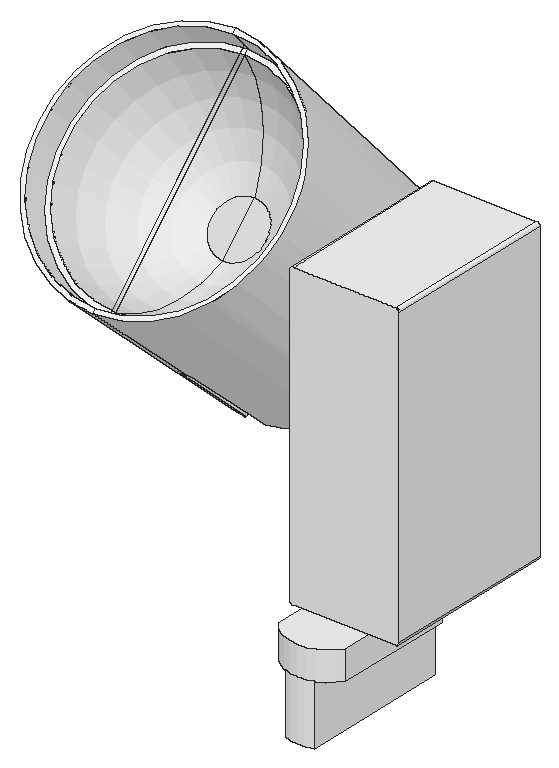
Revit family "0004832 Feilo Sylvania Lighting Fixture START TRACK SPOT L 55W 4K RA80 NB WHITE", category Lighting Fixtures, host Face, Revit 2017 (continued)
Definition of nested family "Start Track Spot Head"
  Types (96, lengths in mm): name | Wattage | built-in parameter 1150134 | Photometric Web File | Model | built-in parameter 1150105 | Lumens | built-in parameter 1150107 | built-in parameter 1150106 | HeadThickness_FEILO | HeadRibOffset_FEILO | HeadRibDepth_FEILO | HeadRibCutWidth_FEILO | HeadRibCutOffset_FEILO | HeadReflectorRadius_FEILO | HeadReflectorOffset_FEILO | HeadLEDRadius_FEILO | HeadHeight_FEILO | HeadDiffusorOffset_FEILO | HeadDiaOut_FEILO | HeadDiaIn_FEILO | HeadAxisFromTop_FEILO | Emit from Circle Diameter | built-in parameter 1150104 | Description | Apparent Load
    0004864 START TRACK SPOT S 24W 3K RA90 WB WHITE | 24 W | (empty or 0) | "0004864.ies" | "START TRACK SPOT S 24W 3K RA90 WB WHITE" | 152.79 (stored number, unit not read) | 1920 lm | 3000 (stored number, unit not read) | 1.5279 (stored number, unit not read) | 1.5 | 4.179 | 55.714 | 7.167 | 50.87 | 50.588 | 55.714 | 9.556 | 117 | 9.435 | 86 | 77.477 | 69.354 | 77.477 | 7.4322 (stored number, unit not read) | "Integrated LED spotlight, Textured White - RAL9016, compact and minimalist design, ideal for retail applications, die-cast aluminium body, passive cooling heatsink. Beam angle: 64°, color temperature: 3000K , total system power: 24W, total fixture output: 1928 lm, LOR: 100%, colour rendering: Ra: 90 typical, LED Chromaticity: 3 step MacAdam ellipse, lifetime: >50000 hours at L70B50, energy class: A++, A+, A, IR/UV free light source without heat radiation, operating voltage: 220-240V / 50-60Hz, drive current: 600mA, electronic driver, non-dimmable, power factor: 0.95, electrical protection: Class II, Global Track 3 Phase adapter suitable for Global trac 3-circuit tracks, ingress protection rating: IP20, suitable for internal environment only, horizontal rotation: 355°, vertical tilt: 90°, dimensions: Ø86x140x200, weight: 0.966kg." | 24 VA
    0004863 START TRACK SPOT S 24W 3K RA90 MB WHITE | 24 W | (empty or 0) | "0004863.ies" | "START TRACK SPOT S 24W 3K RA90 MB WHITE" | 154.7 (stored number, unit not read) | 1944 lm | 3000 (stored number, unit not read) | 1.547 (stored number, unit not read) | 1.5 | 4.179 | 55.714 | 7.167 | 50.87 | 50.588 | 55.714 | 9.556 | 117 | 9.435 | 86 | 77.477 | 69.354 | 77.477 | 7.5251 (stored number, unit not read) | "Integrated LED spotlight, Textured White - RAL9016, compact and minimalist design, ideal for retail applications, die-cast aluminium body, passive cooling heatsink. Beam angle: 36°, color temperature: 3000K , total system power: 24W, total fixture output: 1944 lm, LOR: 100%, colour rendering: Ra: 90 typical, LED Chromaticity: 3 step MacAdam ellipse, lifetime: >50000 hours at L70B50, energy class: A++, A+, A, IR/UV free light source without heat radiation, operating voltage: 220-240V / 50-60Hz, drive current: 600mA, electronic driver, non-dimmable, power factor: 0.95, electrical protection: Class II, Global Track 3 Phase adapter suitable for Global trac 3-circuit tracks, ingress protection rating: IP20, suitable for internal environment only, horizontal rotation: 355°, vertical tilt: 90°, dimensions: Ø86x140x200, weight: 0.966kg." | 24 VA
    0004862 START TRACK SPOT S 24W 3K RA90 NB WHITE | 24 W | (empty or 0) | "0004862.ies" | "START TRACK SPOT S 24W 3K RA90 NB WHITE" | 158.52 (stored number, unit not read) | 1992 lm | 3000 (stored number, unit not read) | 1.5852 (stored number, unit not read) | 1.5 | 4.179 | 55.714 | 7.167 | 50.87 | 50.588 | 55.714 | 9.556 | 117 | 9.435 | 86 | 77.477 | 69.354 | 77.477 | 7.711 (stored number, unit not read) | "Integrated LED spotlight, Textured White - RAL9016, compact and minimalist design, ideal for retail applications, die-cast aluminium body, passive cooling heatsink. Beam angle: 12°, color temperature: 3000K , total system power: 24W, total fixture output: 1987 lm, LOR: 100%, colour rendering: Ra: 90 typical, LED Chromaticity: 3 step MacAdam ellipse, lifetime: >50000 hours at L70B50, energy class: A++, A+, A, IR/UV free light source without heat radiation, operating voltage: 220-240V / 50-60Hz, drive current: 600mA, electronic driver, non-dimmable, power factor: 0.95, electrical protection: Class II, Global Track 3 Phase adapter suitable for Global trac 3-circuit tracks, ingress protection rating: IP20, suitable for internal environment only, horizontal rotation: 355°, vertical tilt: 90°, dimensions: Ø86x140x200, weight: 0.966kg." | 24 VA
    0004861 START TRACK SPOT S 14W 3K RA90 WB WHITE | 14 W | (empty or 0) | "0004861.ies" | "START TRACK SPOT S 14W 3K RA90 WB WHITE" | 100.27 (stored number, unit not read) | 1260 lm | 3000 (stored number, unit not read) | 1.0027 (stored number, unit not read) | 1.5 | 4.179 | 55.714 | 7.167 | 50.87 | 50.588 | 55.714 | 9.556 | 117 | 9.435 | 86 | 77.477 | 69.354 | 77.477 | 8.3613 (stored number, unit not read) | "Integrated LED spotlight, Textured White - RAL9016, compact and minimalist design, ideal for retail applications, die-cast aluminium body, passive cooling heatsink. Beam angle: 64°, color temperature: 3000K , total system power: 14W, total fixture output: 1262 lm, LOR: 100%, colour rendering: Ra: 90 typical, LED Chromaticity: 3 step MacAdam ellipse, lifetime: >50000 hours at L70B50, energy class: A++, A+, A, IR/UV free light source without heat radiation, operating voltage: 220-240V / 50-60Hz, drive current: 350mA, electronic driver, non-dimmable, power factor: 0.92, electrical protection: Class II, Global Track 3 Phase adapter suitable for Global trac 3-circuit tracks, ingress protection rating: IP20, suitable for internal environment only, horizontal rotation: 355°, vertical tilt: 90°, dimensions: Ø86x140x200, weight: 0.940kg." | 14 VA
    0004860 START TRACK SPOT S 14W 3K RA90 MB WHITE | 14 W | (empty or 0) | "0004860.ies" | "START TRACK SPOT S 14W 3K RA90 MB WHITE" | 100.27 (stored number, unit not read) | 1260 lm | 3000 (stored number, unit not read) | 1.0027 (stored number, unit not read) | 1.5 | 4.179 | 55.714 | 7.167 | 50.87 | 50.588 | 55.714 | 9.556 | 117 | 9.435 | 86 | 77.477 | 69.354 | 77.477 | 8.3613 (stored number, unit not read) | "Integrated LED spotlight, Textured White - RAL9016, compact and minimalist design, ideal for retail applications, die-cast aluminium body, passive cooling heatsink. Beam angle: 36°, color temperature: 3000K , total system power: 14W, total fixture output: 1262 lm, LOR: 100%, colour rendering: Ra: 90 typical, LED Chromaticity: 3 step MacAdam ellipse, lifetime: >50000 hours at L70B50, energy class: A++, A+, A, IR/UV free light source without heat radiation, operating voltage: 220-240V / 50-60Hz, drive current: 350mA, electronic driver, non-dimmable, power factor: 0.92, electrical protection: Class II, Global Track 3 Phase adapter suitable for Global trac 3-circuit tracks, ingress protection rating: IP20, suitable for internal environment only, horizontal rotation: 355°, vertical tilt: 90°, dimensions: Ø86x140x200, weight: 0.940kg." | 14 VA
    0004859 START TRACK SPOT S 14W 3K RA90 NB WHITE | 14 W | (empty or 0) | "0004859.ies" | "START TRACK SPOT S 14W 3K RA90 NB WHITE" | 102.5 (stored number, unit not read) | 1288 lm | 3000 (stored number, unit not read) | 1.025 (stored number, unit not read) | 1.5 | 4.179 | 55.714 | 7.167 | 50.87 | 50.588 | 55.714 | 9.556 | 117 | 9.435 | 86 | 77.477 | 69.354 | 77.477 | 8.5471 (stored number, unit not read) | "Integrated LED spotlight, Textured White - RAL9016, compact and minimalist design, ideal for retail applications, die-cast aluminium body, passive cooling heatsink. Beam angle: 12°, color temperature: 3000K , total system power: 14W, total fixture output: 1284 lm, LOR: 100%, colour rendering: Ra: 90 typical, LED Chromaticity: 3 step MacAdam ellipse, lifetime: >50000 hours at L70B50, energy class: A++, A+, A, IR/UV free light source without heat radiation, operating voltage: 220-240V / 50-60Hz, drive current: 350mA, electronic driver, non-dimmable, power factor: 0.92, electrical protection: Class II, Global Track 3 Phase adapter suitable for Global trac 3-circuit tracks, ingress protection rating: IP20, suitable for internal environment only, horizontal rotation: 355°, vertical tilt: 90°, dimensions: Ø86x140x200, weight: 0.940kg." | 14 VA
    0004858 START TRACK SPOT L 55W 4K RA80 WB BLACK | 55 W | 12 | "0004858.ies" | "START TRACK SPOT L 55W 4K RA80 WB BLACK" | 424.55 (stored number, unit not read) | 5335 lm | 4000 (stored number, unit not read) | 4.2455 (stored number, unit not read) | 2 | 4.429 | 59.048 | 9.417 | 53.913 | 66.471 | 59.048 | 12.556 | 124 | 10 | 113 | 101.802 | 73.503 | 101.802 | 9.0116 (stored number, unit not read) | "Integrated LED spotlight, Textured Black - RAL9005, compact and minimalist design, ideal for retail applications, die-cast aluminium body, passive cooling heatsink. Beam angle: 52°, color temperature: 4000K , total system power: 55W, total fixture output: 5320 lm, LOR: 100%, colour rendering: Ra: 80 typical, LED Chromaticity: 3 step MacAdam ellipse, lifetime: >50000 hours at L70B50, energy class: A++, A+, A, IR/UV free light source without heat radiation, operating voltage: 220-240V / 50-60Hz, drive current: 1400mA, electronic driver, non-dimmable, power factor: 0.96, electrical protection: Class II, Global Track 3 Phase adapter suitable for Global trac 3-circuit tracks, ingress protection rating: IP20, suitable for internal environment only, horizontal rotation: 355°, vertical tilt: 90°, dimensions: Ø113x164x240, weight: 1.398kg." | 55 VA
    0004857 START TRACK SPOT L 55W 4K RA80 MB BLACK | 55 W | 12 | "0004857.ies" | "START TRACK SPOT L 55W 4K RA80 MB BLACK" | 428.92 (stored number, unit not read) | 5390 lm | 4000 (stored number, unit not read) | 4.2892 (stored number, unit not read) | 2 | 4.429 | 59.048 | 9.417 | 53.913 | 66.471 | 59.048 | 12.556 | 124 | 10 | 113 | 101.802 | 73.503 | 101.802 | 9.1045 (stored number, unit not read) | "Integrated LED spotlight, Textured Black - RAL9005, compact and minimalist design, ideal for retail applications, die-cast aluminium body, passive cooling heatsink. Beam angle: 38°, color temperature: 4000K , total system power: 55W, total fixture output: 5378 lm, LOR: 100%, colour rendering: Ra: 80 typical, LED Chromaticity: 3 step MacAdam ellipse, lifetime: >50000 hours at L70B50, energy class: A++, A+, A, IR/UV free light source without heat radiation, operating voltage: 220-240V / 50-60Hz, drive current: 1400mA, electronic driver, non-dimmable, power factor: 0.96, electrical protection: Class II, Global Track 3 Phase adapter suitable for Global trac 3-circuit tracks, ingress protection rating: IP20, suitable for internal environment only, horizontal rotation: 355°, vertical tilt: 90°, dimensions: Ø113x164x240, weight: 1.398kg." | 55 VA
    0004856 START TRACK SPOT L 55W 4K RA80 NB BLACK | 55 W | 12 | "0004856.ies" | "START TRACK SPOT L 55W 4K RA80 NB BLACK" | 433.3 (stored number, unit not read) | 5445 lm | 4000 (stored number, unit not read) | 4.333 (stored number, unit not read) | 2 | 4.429 | 59.048 | 9.417 | 53.913 | 66.471 | 59.048 | 12.556 | 124 | 10 | 113 | 101.802 | 73.503 | 101.802 | 9.1974 (stored number, unit not read) | "Integrated LED spotlight, Textured Black - RAL9005, compact and minimalist design, ideal for retail applications, die-cast aluminium body, passive cooling heatsink. Beam angle: 15°, color temperature: 4000K , total system power: 55W, total fixture output: 5426 lm, LOR: 100%, colour rendering: Ra: 80 typical, LED Chromaticity: 3 step MacAdam ellipse, lifetime: >50000 hours at L70B50, energy class: A++, A+, A, IR/UV free light source without heat radiation, operating voltage: 220-240V / 50-60Hz, drive current: 1400mA, electronic driver, non-dimmable, power factor: 0.96, electrical protection: Class II, Global Track 3 Phase adapter suitable for Global trac 3-circuit tracks, ingress protection rating: IP20, suitable for internal environment only, horizontal rotation: 355°, vertical tilt: 90°, dimensions: Ø113x164x240, weight: 1.398kg." | 55 VA
    0004855 START TRACK SPOT L 35W 4K RA80 WB BLACK | 35 W | 12 | "0004855.ies" | "START TRACK SPOT L 35W 4K RA80 WB BLACK" | 320.3 (stored number, unit not read) | 4025 lm | 4000 (stored number, unit not read) | 3.203 (stored number, unit not read) | 2 | 4.429 | 59.048 | 9.417 | 53.913 | 66.471 | 59.048 | 12.556 | 124 | 10 | 113 | 101.802 | 73.503 | 101.802 | 10.684 (stored number, unit not read) | "Integrated LED spotlight, Textured Black - RAL9005, compact and minimalist design, ideal for retail applications, die-cast aluminium body, passive cooling heatsink. Beam angle: 52°, color temperature: 4000K , total system power: 35W, total fixture output: 4010 lm, LOR: 100%, colour rendering: Ra: 80 typical, LED Chromaticity: 3 step MacAdam ellipse, lifetime: >50000 hours at L70B50, energy class: A++, A+, A, IR/UV free light source without heat radiation, operating voltage: 220-240V / 50-60Hz, drive current: 900mA, electronic driver, non-dimmable, power factor: 0.93, electrical protection: Class II, Global Track 3 Phase adapter suitable for Global trac 3-circuit tracks, ingress protection rating: IP20, suitable for internal environment only, horizontal rotation: 355°, vertical tilt: 90°, dimensions: Ø113x164x240, weight: 1.368kg." | 35 VA
    0004854 START TRACK SPOT L 35W 4K RA80 MB BLACK | 35 W | 12 | "0004854.ies" | "START TRACK SPOT L 35W 4K RA80 MB BLACK" | 320.3 (stored number, unit not read) | 4025 lm | 4000 (stored number, unit not read) | 3.203 (stored number, unit not read) | 2 | 4.429 | 59.048 | 9.417 | 53.913 | 66.471 | 59.048 | 12.556 | 124 | 10 | 113 | 101.802 | 73.503 | 101.802 | 10.684 (stored number, unit not read) | "Integrated LED spotlight, Textured Black - RAL9005, compact and minimalist design, ideal for retail applications, die-cast aluminium body, passive cooling heatsink. Beam angle: 38°, color temperature: 4000K , total system power: 35W, total fixture output: 4017 lm, LOR: 100%, colour rendering: Ra: 80 typical, LED Chromaticity: 3 step MacAdam ellipse, lifetime: >50000 hours at L70B50, energy class: A++, A+, A, IR/UV free light source without heat radiation, operating voltage: 220-240V / 50-60Hz, drive current: 900mA, electronic driver, non-dimmable, power factor: 0.93, electrical protection: Class II, Global Track 3 Phase adapter suitable for Global trac 3-circuit tracks, ingress protection rating: IP20, suitable for internal environment only, horizontal rotation: 355°, vertical tilt: 90°, dimensions: Ø113x164x240, weight: 1.368kg." | 35 VA
    0004853 START TRACK SPOT L 35W 4K RA80 NB BLACK | 35 W | 12 | "0004853.ies" | "START TRACK SPOT L 35W 4K RA80 NB BLACK" | 331.44 (stored number, unit not read) | 4165 lm | 4000 (stored number, unit not read) | 3.3144 (stored number, unit not read) | 2 | 4.429 | 59.048 | 9.417 | 53.913 | 66.471 | 59.048 | 12.556 | 124 | 10 | 113 | 101.802 | 73.503 | 101.802 | 11.055 (stored number, unit not read) | "Integrated LED spotlight, Textured Black - RAL9005, compact and minimalist design, ideal for retail applications, die-cast aluminium body, passive cooling heatsink. Beam angle: 15°, color temperature: 4000K , total system power: 35W, total fixture output: 4174 lm, LOR: 100%, colour rendering: Ra: 80 typical, LED Chromaticity: 3 step MacAdam ellipse, lifetime: >50000 hours at L70B50, energy class: A++, A+, A, IR/UV free light source without heat radiation, operating voltage: 220-240V / 50-60Hz, drive current: 900mA, electronic driver, non-dimmable, power factor: 0.93, electrical protection: Class II, Global Track 3 Phase adapter suitable for Global trac 3-circuit tracks, ingress protection rating: IP20, suitable for internal environment only, horizontal rotation: 355°, vertical tilt: 90°, dimensions: Ø113x164x240, weight: 1.368kg." | 35 VA
    0004852 START TRACK SPOT S 24W 4K RA80 WB BLACK | 24 W | 12 | "0004852.ies" | "START TRACK SPOT S 24W 4K RA80 WB BLACK" | 196.72 (stored number, unit not read) | 2472 lm | 4000 (stored number, unit not read) | 1.9672 (stored number, unit not read) | 1.5 | 4.179 | 55.714 | 7.167 | 50.87 | 50.588 | 55.714 | 9.556 | 117 | 9.435 | 86 | 77.477 | 69.354 | 77.477 | 9.569 (stored number, unit not read) | "Integrated LED spotlight, Textured Black - RAL9005, compact and minimalist design, ideal for retail applications, die-cast aluminium body, passive cooling heatsink. Beam angle: 64°, color temperature: 4000K , total system power: 24W, total fixture output: 2476 lm, LOR: 100%, colour rendering: Ra: 80 typical, LED Chromaticity: 3 step MacAdam ellipse, lifetime: >50000 hours at L70B50, energy class: A++, A+, A, IR/UV free light source without heat radiation, operating voltage: 220-240V / 50-60Hz, drive current: 600mA, electronic driver, non-dimmable, power factor: 0.95, electrical protection: Class II, Global Track 3 Phase adapter suitable for Global trac 3-circuit tracks, ingress protection rating: IP20, suitable for internal environment only, horizontal rotation: 355°, vertical tilt: 90°, dimensions: Ø86x140x200, weight: 0.966kg." | 24 VA
    0004851 START TRACK SPOT S 24W 4K RA80 MB BLACK | 24 W | 12 | "0004851.ies" | "START TRACK SPOT S 24W 4K RA80 MB BLACK" | 198.63 (stored number, unit not read) | 2496 lm | 4000 (stored number, unit not read) | 1.9863 (stored number, unit not read) | 1.5 | 4.179 | 55.714 | 7.167 | 50.87 | 50.588 | 55.714 | 9.556 | 117 | 9.435 | 86 | 77.477 | 69.354 | 77.477 | 9.6619 (stored number, unit not read) | "Integrated LED spotlight, Textured Black - RAL9005, compact and minimalist design, ideal for retail applications, die-cast aluminium body, passive cooling heatsink. Beam angle: 36°, color temperature: 4000K , total system power: 24W, total fixture output: 2487 lm, LOR: 100%, colour rendering: Ra: 80 typical, LED Chromaticity: 3 step MacAdam ellipse, lifetime: >50000 hours at L70B50, energy class: A++, A+, A, IR/UV free light source without heat radiation, operating voltage: 220-240V / 50-60Hz, drive current: 600mA, electronic driver, non-dimmable, power factor: 0.95, electrical protection: Class II, Global Track 3 Phase adapter suitable for Global trac 3-circuit tracks, ingress protection rating: IP20, suitable for internal environment only, horizontal rotation: 355°, vertical tilt: 90°, dimensions: Ø86x140x200, weight: 0.966kg." | 24 VA
    0004850 START TRACK SPOT S 24W 4K RA80 NB BLACK | 24 W | 12 | "0004850.ies" | "START TRACK SPOT S 24W 4K RA80 NB BLACK" | 200.54 (stored number, unit not read) | 2520 lm | 4000 (stored number, unit not read) | 2.0054 (stored number, unit not read) | 1.5 | 4.179 | 55.714 | 7.167 | 50.87 | 50.588 | 55.714 | 9.556 | 117 | 9.435 | 86 | 77.477 | 69.354 | 77.477 | 9.7548 (stored number, unit not read) | "Integrated LED spotlight, Textured Black - RAL9005, compact and minimalist design, ideal for retail applications, die-cast aluminium body, passive cooling heatsink. Beam angle: 12°, color temperature: 4000K , total system power: 24W, total fixture output: 2529 lm, LOR: 100%, colour rendering: Ra: 80 typical, LED Chromaticity: 3 step MacAdam ellipse, lifetime: >50000 hours at L70B50, energy class: A++, A+, A, IR/UV free light source without heat radiation, operating voltage: 220-240V / 50-60Hz, drive current: 600mA, electronic driver, non-dimmable, power factor: 0.95, electrical protection: Class II, Global Track 3 Phase adapter suitable for Global trac 3-circuit tracks, ingress protection rating: IP20, suitable for internal environment only, horizontal rotation: 355°, vertical tilt: 90°, dimensions: Ø86x140x200, weight: 0.966kg." | 24 VA
    0004849 START TRACK SPOT S 14W 4K RA80 WB BLACK | 14 W | 12 | "0004849.ies" | "START TRACK SPOT S 14W 4K RA80 WB BLACK" | 123.66 (stored number, unit not read) | 1554 lm | 4000 (stored number, unit not read) | 1.2366 (stored number, unit not read) | 1.5 | 4.179 | 55.714 | 7.167 | 50.87 | 50.588 | 55.714 | 9.556 | 117 | 9.435 | 86 | 77.477 | 69.354 | 77.477 | 10.312 (stored number, unit not read) | "Integrated LED spotlight, Textured Black - RAL9005, compact and minimalist design, ideal for retail applications, die-cast aluminium body, passive cooling heatsink. Beam angle: 64°, color temperature: 4000K , total system power: 14W, total fixture output: 1558 lm, LOR: 100%, colour rendering: Ra: 80 typical, LED Chromaticity: 3 step MacAdam ellipse, lifetime: >50000 hours at L70B50, energy class: A++, A+, A, IR/UV free light source without heat radiation, operating voltage: 220-240V / 50-60Hz, drive current: 350mA, electronic driver, non-dimmable, power factor: 0.92, electrical protection: Class II, Global Track 3 Phase adapter suitable for Global trac 3-circuit tracks, ingress protection rating: IP20, suitable for internal environment only, horizontal rotation: 355°, vertical tilt: 90°, dimensions: Ø86x140x200, weight: 0.940kg." | 14 VA
    0004848 START TRACK SPOT S 14W 4K RA80 MB BLACK | 14 W | 12 | "0004848.ies" | "START TRACK SPOT S 14W 4K RA80 MB BLACK" | 127.01 (stored number, unit not read) | 1596 lm | 4000 (stored number, unit not read) | 1.2701 (stored number, unit not read) | 1.5 | 4.179 | 55.714 | 7.167 | 50.87 | 50.588 | 55.714 | 9.556 | 117 | 9.435 | 86 | 77.477 | 69.354 | 77.477 | 10.591 (stored number, unit not read) | "Integrated LED spotlight, Textured Black - RAL9005, compact and minimalist design, ideal for retail applications, die-cast aluminium body, passive cooling heatsink. Beam angle: 36°, color temperature: 4000K , total system power: 14W, total fixture output: 1598 lm, LOR: 100%, colour rendering: Ra: 80 typical, LED Chromaticity: 3 step MacAdam ellipse, lifetime: >50000 hours at L70B50, energy class: A++, A+, A, IR/UV free light source without heat radiation, operating voltage: 220-240V / 50-60Hz, drive current: 350mA, electronic driver, non-dimmable, power factor: 0.92, electrical protection: Class II, Global Track 3 Phase adapter suitable for Global trac 3-circuit tracks, ingress protection rating: IP20, suitable for internal environment only, horizontal rotation: 355°, vertical tilt: 90°, dimensions: Ø86x140x200, weight: 0.940kg." | 14 VA
    0004847 START TRACK SPOT S 14W 4K RA80 NB BLACK | 14 W | 12 | "0004847.ies" | "START TRACK SPOT S 14W 4K RA80 NB BLACK" | 128.12 (stored number, unit not read) | 1610 lm | 4000 (stored number, unit not read) | 1.2812 (stored number, unit not read) | 1.5 | 4.179 | 55.714 | 7.167 | 50.87 | 50.588 | 55.714 | 9.556 | 117 | 9.435 | 86 | 77.477 | 69.354 | 77.477 | 10.684 (stored number, unit not read) | "Integrated LED spotlight, Textured Black - RAL9005, compact and minimalist design, ideal for retail applications, die-cast aluminium body, passive cooling heatsink. Beam angle: 12°, color temperature: 4000K , total system power: 14W, total fixture output: 1608 lm, LOR: 100%, colour rendering: Ra: 80 typical, LED Chromaticity: 3 step MacAdam ellipse, lifetime: >50000 hours at L70B50, energy class: A++, A+, A, IR/UV free light source without heat radiation, operating voltage: 220-240V / 50-60Hz, drive current: 350mA, electronic driver, non-dimmable, power factor: 0.92, electrical protection: Class II, Global Track 3 Phase adapter suitable for Global trac 3-circuit tracks, ingress protection rating: IP20, suitable for internal environment only, horizontal rotation: 355°, vertical tilt: 90°, dimensions: Ø86x140x200, weight: 0.940kg." | 14 VA
    0004846 START TRACK SPOT L 55W 3K RA80 WB BLACK | 55 W | (empty or 0) | "0004846.ies" | "START TRACK SPOT L 55W 3K RA80 WB BLACK" | 420.17 (stored number, unit not read) | 5280 lm | 3000 (stored number, unit not read) | 4.2017 (stored number, unit not read) | 2 | 4.429 | 59.048 | 9.417 | 53.913 | 66.471 | 59.048 | 12.556 | 124 | 10 | 113 | 101.802 | 73.503 | 101.802 | 8.9187 (stored number, unit not read) | "Integrated LED spotlight, Textured Black - RAL9005, compact and minimalist design, ideal for retail applications, die-cast aluminium body, passive cooling heatsink. Beam angle: 52°, color temperature: 3000K , total system power: 55W, total fixture output: 5298 lm, LOR: 100%, colour rendering: Ra: 80 typical, LED Chromaticity: 3 step MacAdam ellipse, lifetime: >50000 hours at L70B50, energy class: A++, A+, A, IR/UV free light source without heat radiation, operating voltage: 220-240V / 50-60Hz, drive current: 1400mA, electronic driver, non-dimmable, power factor: 0.96, electrical protection: Class II, Global Track 3 Phase adapter suitable for Global trac 3-circuit tracks, ingress protection rating: IP20, suitable for internal environment only, horizontal rotation: 355°, vertical tilt: 90°, dimensions: Ø113x164x240, weight: 1.398kg." | 55 VA
    0004845 START TRACK SPOT L 55W 3K RA80 MB BLACK | 55 W | (empty or 0) | "0004845.ies" | "START TRACK SPOT L 55W 3K RA80 MB BLACK" | 428.92 (stored number, unit not read) | 5390 lm | 3000 (stored number, unit not read) | 4.2892 (stored number, unit not read) | 2 | 4.429 | 59.048 | 9.417 | 53.913 | 66.471 | 59.048 | 12.556 | 124 | 10 | 113 | 101.802 | 73.503 | 101.802 | 9.1045 (stored number, unit not read) | "Integrated LED spotlight, Textured Black - RAL9005, compact and minimalist design, ideal for retail applications, die-cast aluminium body, passive cooling heatsink. Beam angle: 38°, color temperature: 3000K , total system power: 55W, total fixture output: 5381 lm, LOR: 100%, colour rendering: Ra: 80 typical, LED Chromaticity: 3 step MacAdam ellipse, lifetime: >50000 hours at L70B50, energy class: A++, A+, A, IR/UV free light source without heat radiation, operating voltage: 220-240V / 50-60Hz, drive current: 1400mA, electronic driver, non-dimmable, power factor: 0.96, electrical protection: Class II, Global Track 3 Phase adapter suitable for Global trac 3-circuit tracks, ingress protection rating: IP20, suitable for internal environment only, horizontal rotation: 355°, vertical tilt: 90°, dimensions: Ø113x164x240, weight: 1.398kg." | 55 VA
    0004844 START TRACK SPOT L 55W 3K RA80 NB BLACK | 55 W | (empty or 0) | "0004844.ies" | "START TRACK SPOT L 55W 3K RA80 NB BLACK" | 433.3 (stored number, unit not read) | 5445 lm | 3000 (stored number, unit not read) | 4.333 (stored number, unit not read) | 2 | 4.429 | 59.048 | 9.417 | 53.913 | 66.471 | 59.048 | 12.556 | 124 | 10 | 113 | 101.802 | 73.503 | 101.802 | 9.1974 (stored number, unit not read) | "Integrated LED spotlight, Textured Black - RAL9005, compact and minimalist design, ideal for retail applications, die-cast aluminium body, passive cooling heatsink. Beam angle: 15°, color temperature: 3000K , total system power: 55W, total fixture output: 5449 lm, LOR: 100%, colour rendering: Ra: 80 typical, LED Chromaticity: 3 step MacAdam ellipse, lifetime: >50000 hours at L70B50, energy class: A++, A+, A, IR/UV free light source without heat radiation, operating voltage: 220-240V / 50-60Hz, drive current: 1400mA, electronic driver, non-dimmable, power factor: 0.96, electrical protection: Class II, Global Track 3 Phase adapter suitable for Global trac 3-circuit tracks, ingress protection rating: IP20, suitable for internal environment only, horizontal rotation: 355°, vertical tilt: 90°, dimensions: Ø113x164x240, weight: 1.398kg." | 55 VA
    0004843 START TRACK SPOT L 35W 3K RA80 WB BLACK | 35 W | (empty or 0) | "0004843.ies" | "START TRACK SPOT L 35W 3K RA80 WB BLACK" | 314.73 (stored number, unit not read) | 3955 lm | 3000 (stored number, unit not read) | 3.1473 (stored number, unit not read) | 2 | 4.429 | 59.048 | 9.417 | 53.913 | 66.471 | 59.048 | 12.556 | 124 | 10 | 113 | 101.802 | 73.503 | 101.802 | 10.498 (stored number, unit not read) | "Integrated LED spotlight, Textured Black - RAL9005, compact and minimalist design, ideal for retail applications, die-cast aluminium body, passive cooling heatsink. Beam angle: 52°, color temperature: 3000K , total system power: 35W, total fixture output: 3943 lm, LOR: 100%, colour rendering: Ra: 80 typical, LED Chromaticity: 3 step MacAdam ellipse, lifetime: >50000 hours at L70B50, energy class: A++, A+, A, IR/UV free light source without heat radiation, operating voltage: 220-240V / 50-60Hz, drive current: 900mA, electronic driver, non-dimmable, power factor: 0.93, electrical protection: Class II, Global Track 3 Phase adapter suitable for Global trac 3-circuit tracks, ingress protection rating: IP20, suitable for internal environment only, horizontal rotation: 355°, vertical tilt: 90°, dimensions: Ø113x164x240, weight: 1.368kg." | 35 VA
    0004842 START TRACK SPOT L 35W 3K RA80 MB BLACK | 35 W | (empty or 0) | "0004842.ies" | "START TRACK SPOT L 35W 3K RA80 MB BLACK" | 320.3 (stored number, unit not read) | 4025 lm | 3000 (stored number, unit not read) | 3.203 (stored number, unit not read) | 2 | 4.429 | 59.048 | 9.417 | 53.913 | 66.471 | 59.048 | 12.556 | 124 | 10 | 113 | 101.802 | 73.503 | 101.802 | 10.684 (stored number, unit not read) | "Integrated LED spotlight, Textured Black - RAL9005, compact and minimalist design, ideal for retail applications, die-cast aluminium body, passive cooling heatsink. Beam angle: 38°, color temperature: 3000K , total system power: 35W, total fixture output: 4008 lm, LOR: 100%, colour rendering: Ra: 80 typical, LED Chromaticity: 3 step MacAdam ellipse, lifetime: >50000 hours at L70B50, energy class: A++, A+, A, IR/UV free light source without heat radiation, operating voltage: 220-240V / 50-60Hz, drive current: 900mA, electronic driver, non-dimmable, power factor: 0.93, electrical protection: Class II, Global Track 3 Phase adapter suitable for Global trac 3-circuit tracks, ingress protection rating: IP20, suitable for internal environment only, horizontal rotation: 355°, vertical tilt: 90°, dimensions: Ø113x164x240, weight: 1.368kg." | 35 VA
    0004841 START TRACK SPOT L 35W 3K RA80 NB BLACK | 35 W | (empty or 0) | "0004841.ies" | "START TRACK SPOT L 35W 3K RA80 NB BLACK" | 317.51 (stored number, unit not read) | 3990 lm | 3000 (stored number, unit not read) | 3.1751 (stored number, unit not read) | 2 | 4.429 | 59.048 | 9.417 | 53.913 | 66.471 | 59.048 | 12.556 | 124 | 10 | 113 | 101.802 | 73.503 | 101.802 | 10.591 (stored number, unit not read) | "Integrated LED spotlight, Textured Black - RAL9005, compact and minimalist design, ideal for retail applications, die-cast aluminium body, passive cooling heatsink. Beam angle: 15°, color temperature: 3000K , total system power: 35W, total fixture output: 4005 lm, LOR: 100%, colour rendering: Ra: 80 typical, LED Chromaticity: 3 step MacAdam ellipse, lifetime: >50000 hours at L70B50, energy class: A++, A+, A, IR/UV free light source without heat radiation, operating voltage: 220-240V / 50-60Hz, drive current: 900mA, electronic driver, non-dimmable, power factor: 0.93, electrical protection: Class II, Global Track 3 Phase adapter suitable for Global trac 3-circuit tracks, ingress protection rating: IP20, suitable for internal environment only, horizontal rotation: 355°, vertical tilt: 90°, dimensions: Ø113x164x240, weight: 1.368kg." | 35 VA
    0004840 START TRACK SPOT S 24W 3K RA80 WB BLACK | 24 W | (empty or 0) | "0004840.ies" | "START TRACK SPOT S 24W 3K RA80 WB BLACK" | 185.26 (stored number, unit not read) | 2328 lm | 3000 (stored number, unit not read) | 1.8526 (stored number, unit not read) | 1.5 | 4.179 | 55.714 | 7.167 | 50.87 | 50.588 | 55.714 | 9.556 | 117 | 9.435 | 86 | 77.477 | 69.354 | 77.477 | 9.0116 (stored number, unit not read) | "Integrated LED spotlight, Textured Black - RAL9005, compact and minimalist design, ideal for retail applications, die-cast aluminium body, passive cooling heatsink. Beam angle: 64°, color temperature: 3000K , total system power: 24W, total fixture output: 2318 lm, LOR: 100%, colour rendering: Ra: 80 typical, LED Chromaticity: 3 step MacAdam ellipse, lifetime: >50000 hours at L70B50, energy class: A++, A+, A, IR/UV free light source without heat radiation, operating voltage: 220-240V / 50-60Hz, drive current: 600mA, electronic driver, non-dimmable, power factor: 0.95, electrical protection: Class II, Global Track 3 Phase adapter suitable for Global trac 3-circuit tracks, ingress protection rating: IP20, suitable for internal environment only, horizontal rotation: 355°, vertical tilt: 90°, dimensions: Ø86x140x200, weight: 0.966kg." | 24 VA
    0004839 START TRACK SPOT S 24W 3K RA80 MB BLACK | 24 W | (empty or 0) | "0004839.ies" | "START TRACK SPOT S 24W 3K RA80 MB BLACK" | 183.35 (stored number, unit not read) | 2304 lm | 3000 (stored number, unit not read) | 1.8335 (stored number, unit not read) | 1.5 | 4.179 | 55.714 | 7.167 | 50.87 | 50.588 | 55.714 | 9.556 | 117 | 9.435 | 86 | 77.477 | 69.354 | 77.477 | 8.9187 (stored number, unit not read) | "Integrated LED spotlight, Textured Black - RAL9005, compact and minimalist design, ideal for retail applications, die-cast aluminium body, passive cooling heatsink. Beam angle: 36°, color temperature: 3000K , total system power: 24W, total fixture output: 2314 lm, LOR: 100%, colour rendering: Ra: 80 typical, LED Chromaticity: 3 step MacAdam ellipse, lifetime: >50000 hours at L70B50, energy class: A++, A+, A, IR/UV free light source without heat radiation, operating voltage: 220-240V / 50-60Hz, drive current: 600mA, electronic driver, non-dimmable, power factor: 0.95, electrical protection: Class II, Global Track 3 Phase adapter suitable for Global trac 3-circuit tracks, ingress protection rating: IP20, suitable for internal environment only, horizontal rotation: 355°, vertical tilt: 90°, dimensions: Ø86x140x200, weight: 0.966kg." | 24 VA
    0004838 START TRACK SPOT S 24W 3K RA80 NB BLACK | 24 W | (empty or 0) | "0004838.ies" | "START TRACK SPOT S 24W 3K RA80 NB BLACK" | 185.26 (stored number, unit not read) | 2328 lm | 3000 (stored number, unit not read) | 1.8526 (stored number, unit not read) | 1.5 | 4.179 | 55.714 | 7.167 | 50.87 | 50.588 | 55.714 | 9.556 | 117 | 9.435 | 86 | 77.477 | 69.354 | 77.477 | 9.0116 (stored number, unit not read) | "Integrated LED spotlight, Textured Black - RAL9005, compact and minimalist design, ideal for retail applications, die-cast aluminium body, passive cooling heatsink. Beam angle: 12°, color temperature: 3000K , total system power: 24W, total fixture output: 2334 lm, LOR: 100%, colour rendering: Ra: 80 typical, LED Chromaticity: 3 step MacAdam ellipse, lifetime: >50000 hours at L70B50, energy class: A++, A+, A, IR/UV free light source without heat radiation, operating voltage: 220-240V / 50-60Hz, drive current: 600mA, electronic driver, non-dimmable, power factor: 0.95, electrical protection: Class II, Global Track 3 Phase adapter suitable for Global trac 3-circuit tracks, ingress protection rating: IP20, suitable for internal environment only, horizontal rotation: 355°, vertical tilt: 90°, dimensions: Ø86x140x200, weight: 0.966kg." | 24 VA
    0004837 START TRACK SPOT S 14W 3K RA80 WB BLACK | 14 W | (empty or 0) | "0004837.ies" | "START TRACK SPOT S 14W 3K RA80 WB BLACK" | 119.21 (stored number, unit not read) | 1498 lm | 3000 (stored number, unit not read) | 1.1921 (stored number, unit not read) | 1.5 | 4.179 | 55.714 | 7.167 | 50.87 | 50.588 | 55.714 | 9.556 | 117 | 9.435 | 86 | 77.477 | 69.354 | 77.477 | 9.9406 (stored number, unit not read) | "Integrated LED spotlight, Textured Black - RAL9005, compact and minimalist design, ideal for retail applications, die-cast aluminium body, passive cooling heatsink. Beam angle: 64°, color temperature: 3000K , total system power: 14W, total fixture output: 1498 lm, LOR: 100%, colour rendering: Ra: 80 typical, LED Chromaticity: 3 step MacAdam ellipse, lifetime: >50000 hours at L70B50, energy class: A++, A+, A, IR/UV free light source without heat radiation, operating voltage: 220-240V / 50-60Hz, drive current: 350mA, electronic driver, non-dimmable, power factor: 0.92, electrical protection: Class II, Global Track 3 Phase adapter suitable for Global trac 3-circuit tracks, ingress protection rating: IP20, suitable for internal environment only, horizontal rotation: 355°, vertical tilt: 90°, dimensions: Ø86x140x200, weight: 0.940kg." | 14 VA
    0004836 START TRACK SPOT S 14W 3K RA80 MB BLACK | 14 W | (empty or 0) | "0004836.ies" | "START TRACK SPOT S 14W 3K RA80 MB BLACK" | 120.32 (stored number, unit not read) | 1512 lm | 3000 (stored number, unit not read) | 1.2032 (stored number, unit not read) | 1.5 | 4.179 | 55.714 | 7.167 | 50.87 | 50.588 | 55.714 | 9.556 | 117 | 9.435 | 86 | 77.477 | 69.354 | 77.477 | 10.034 (stored number, unit not read) | "Integrated LED spotlight, Textured Black - RAL9005, compact and minimalist design, ideal for retail applications, die-cast aluminium body, passive cooling heatsink. Beam angle: 36°, color temperature: 3000K , total system power: 14W, total fixture output: 1508 lm, LOR: 100%, colour rendering: Ra: 80 typical, LED Chromaticity: 3 step MacAdam ellipse, lifetime: >50000 hours at L70B50, energy class: A++, A+, A, IR/UV free light source without heat radiation, operating voltage: 220-240V / 50-60Hz, drive current: 350mA, electronic driver, non-dimmable, power factor: 0.92, electrical protection: Class II, Global Track 3 Phase adapter suitable for Global trac 3-circuit tracks, ingress protection rating: IP20, suitable for internal environment only, horizontal rotation: 355°, vertical tilt: 90°, dimensions: Ø86x140x200, weight: 0.940kg." | 14 VA
    0004835 START TRACK SPOT S 14W 3K RA80 NB BLACK | 14 W | (empty or 0) | "0004835.ies" | "START TRACK SPOT S 14W 3K RA80 NB BLACK" | 123.66 (stored number, unit not read) | 1554 lm | 3000 (stored number, unit not read) | 1.2366 (stored number, unit not read) | 1.5 | 4.179 | 55.714 | 7.167 | 50.87 | 50.588 | 55.714 | 9.556 | 117 | 9.435 | 86 | 77.477 | 69.354 | 77.477 | 10.312 (stored number, unit not read) | "Integrated LED spotlight, Textured Black - RAL9005, compact and minimalist design, ideal for retail applications, die-cast aluminium body, passive cooling heatsink. Beam angle: 12°, color temperature: 3000K , total system power: 14W, total fixture output: 1551 lm, LOR: 100%, colour rendering: Ra: 80 typical, LED Chromaticity: 3 step MacAdam ellipse, lifetime: >50000 hours at L70B50, energy class: A++, A+, A, IR/UV free light source without heat radiation, operating voltage: 220-240V / 50-60Hz, drive current: 350mA, electronic driver, non-dimmable, power factor: 0.92, electrical protection: Class II, Global Track 3 Phase adapter suitable for Global trac 3-circuit tracks, ingress protection rating: IP20, suitable for internal environment only, horizontal rotation: 355°, vertical tilt: 90°, dimensions: Ø86x140x200, weight: 0.940kg." | 14 VA
    0004834 START TRACK SPOT L 55W 4K RA80 WB WHITE | 55 W | 12 | "0004834.ies" | "START TRACK SPOT L 55W 4K RA80 WB WHITE" | 424.55 (stored number, unit not read) | 5335 lm | 4000 (stored number, unit not read) | 4.2455 (stored number, unit not read) | 2 | 4.429 | 59.048 | 9.417 | 53.913 | 66.471 | 59.048 | 12.556 | 124 | 10 | 113 | 101.802 | 73.503 | 101.802 | 9.0116 (stored number, unit not read) | "Integrated LED spotlight, Textured White - RAL9016, compact and minimalist design, ideal for retail applications, die-cast aluminium body, passive cooling heatsink. Beam angle: 52°, color temperature: 4000K , total system power: 55W, total fixture output: 5320 lm, LOR: 100%, colour rendering: Ra: 80 typical, LED Chromaticity: 3 step MacAdam ellipse, lifetime: >50000 hours at L70B50, energy class: A++, A+, A, IR/UV free light source without heat radiation, operating voltage: 220-240V / 50-60Hz, drive current: 1400mA, electronic driver, non-dimmable, power factor: 0.96, electrical protection: Class II, Global Track 3 Phase adapter suitable for Global trac 3-circuit tracks, ingress protection rating: IP20, suitable for internal environment only, horizontal rotation: 355°, vertical tilt: 90°, dimensions: Ø113x164x240, weight: 1.398kg." | 55 VA
    0004833 START TRACK SPOT L 55W 4K RA80 MB WHITE | 55 W | 12 | "0004833.ies" | "START TRACK SPOT L 55W 4K RA80 MB WHITE" | 428.92 (stored number, unit not read) | 5390 lm | 4000 (stored number, unit not read) | 4.2892 (stored number, unit not read) | 2 | 4.429 | 59.048 | 9.417 | 53.913 | 66.471 | 59.048 | 12.556 | 124 | 10 | 113 | 101.802 | 73.503 | 101.802 | 9.1045 (stored number, unit not read) | "Integrated LED spotlight, Textured White - RAL9016, compact and minimalist design, ideal for retail applications, die-cast aluminium body, passive cooling heatsink. Beam angle: 38°, color temperature: 4000K , total system power: 55W, total fixture output: 5378 lm, LOR: 100%, colour rendering: Ra: 80 typical, LED Chromaticity: 3 step MacAdam ellipse, lifetime: >50000 hours at L70B50, energy class: A++, A+, A, IR/UV free light source without heat radiation, operating voltage: 220-240V / 50-60Hz, drive current: 1400mA, electronic driver, non-dimmable, power factor: 0.96, electrical protection: Class II, Global Track 3 Phase adapter suitable for Global trac 3-circuit tracks, ingress protection rating: IP20, suitable for internal environment only, horizontal rotation: 355°, vertical tilt: 90°, dimensions: Ø113x164x240, weight: 1.398kg." | 55 VA
    0004832 START TRACK SPOT L 55W 4K RA80 NB WHITE | 55 W | 12 | "0004832.ies" | "START TRACK SPOT L 55W 4K RA80 NB WHITE" | 433.3 (stored number, unit not read) | 5445 lm | 4000 (stored number, unit not read) | 4.333 (stored number, unit not read) | 2 | 4.429 | 59.048 | 9.417 | 53.913 | 66.471 | 59.048 | 12.556 | 124 | 10 | 113 | 101.802 | 73.503 | 101.802 | 9.1974 (stored number, unit not read) | "Integrated LED spotlight, Textured White - RAL9016, compact and minimalist design, ideal for retail applications, die-cast aluminium body, passive cooling heatsink. Beam angle: 15°, color temperature: 4000K , total system power: 55W, total fixture output: 5426 lm, LOR: 100%, colour rendering: Ra: 80 typical, LED Chromaticity: 3 step MacAdam ellipse, lifetime: >50000 hours at L70B50, energy class: A++, A+, A, IR/UV free light source without heat radiation, operating voltage: 220-240V / 50-60Hz, drive current: 1400mA, electronic driver, non-dimmable, power factor: 0.96, electrical protection: Class II, Global Track 3 Phase adapter suitable for Global trac 3-circuit tracks, ingress protection rating: IP20, suitable for internal environment only, horizontal rotation: 355°, vertical tilt: 90°, dimensions: Ø113x164x240, weight: 1.398kg." | 55 VA
    0004831 START TRACK SPOT L 35W 4K RA80 WB WHITE | 35 W | 12 | "0004831.ies" | "START TRACK SPOT L 35W 4K RA80 WB WHITE" | 320.3 (stored number, unit not read) | 4025 lm | 4000 (stored number, unit not read) | 3.203 (stored number, unit not read) | 2 | 4.429 | 59.048 | 9.417 | 53.913 | 66.471 | 59.048 | 12.556 | 124 | 10 | 113 | 101.802 | 73.503 | 101.802 | 10.684 (stored number, unit not read) | "Integrated LED spotlight, Textured White - RAL9016, compact and minimalist design, ideal for retail applications, die-cast aluminium body, passive cooling heatsink. Beam angle: 52°, color temperature: 4000K , total system power: 35W, total fixture output: 4010 lm, LOR: 100%, colour rendering: Ra: 80 typical, LED Chromaticity: 3 step MacAdam ellipse, lifetime: >50000 hours at L70B50, energy class: A++, A+, A, IR/UV free light source without heat radiation, operating voltage: 220-240V / 50-60Hz, drive current: 900mA, electronic driver, non-dimmable, power factor: 0.93, electrical protection: Class II, Global Track 3 Phase adapter suitable for Global trac 3-circuit tracks, ingress protection rating: IP20, suitable for internal environment only, horizontal rotation: 355°, vertical tilt: 90°, dimensions: Ø113x164x240, weight: 1.368kg." | 35 VA
    0004830 START TRACK SPOT L 35W 4K RA80 MB WHITE | 35 W | 12 | "0004830.ies" | "START TRACK SPOT L 35W 4K RA80 MB WHITE" | 320.3 (stored number, unit not read) | 4025 lm | 4000 (stored number, unit not read) | 3.203 (stored number, unit not read) | 2 | 4.429 | 59.048 | 9.417 | 53.913 | 66.471 | 59.048 | 12.556 | 124 | 10 | 113 | 101.802 | 73.503 | 101.802 | 10.684 (stored number, unit not read) | "Integrated LED spotlight, Textured White - RAL9016, compact and minimalist design, ideal for retail applications, die-cast aluminium body, passive cooling heatsink. Beam angle: 38°, color temperature: 4000K , total system power: 35W, total fixture output: 4017 lm, LOR: 100%, colour rendering: Ra: 80 typical, LED Chromaticity: 3 step MacAdam ellipse, lifetime: >50000 hours at L70B50, energy class: A++, A+, A, IR/UV free light source without heat radiation, operating voltage: 220-240V / 50-60Hz, drive current: 900mA, electronic driver, non-dimmable, power factor: 0.93, electrical protection: Class II, Global Track 3 Phase adapter suitable for Global trac 3-circuit tracks, ingress protection rating: IP20, suitable for internal environment only, horizontal rotation: 355°, vertical tilt: 90°, dimensions: Ø113x164x240, weight: 1.368kg." | 35 VA
    0004829 START TRACK SPOT L 35W 4K RA80 NB WHITE | 35 W | 12 | "0004829.ies" | "START TRACK SPOT L 35W 4K RA80 NB WHITE" | 331.44 (stored number, unit not read) | 4165 lm | 4000 (stored number, unit not read) | 3.3144 (stored number, unit not read) | 2 | 4.429 | 59.048 | 9.417 | 53.913 | 66.471 | 59.048 | 12.556 | 124 | 10 | 113 | 101.802 | 73.503 | 101.802 | 11.055 (stored number, unit not read) | "Integrated LED spotlight, Textured White - RAL9016, compact and minimalist design, ideal for retail applications, die-cast aluminium body, passive cooling heatsink. Beam angle: 15°, color temperature: 4000K , total system power: 35W, total fixture output: 4174 lm, LOR: 100%, colour rendering: Ra: 80 typical, LED Chromaticity: 3 step MacAdam ellipse, lifetime: >50000 hours at L70B50, energy class: A++, A+, A, IR/UV free light source without heat radiation, operating voltage: 220-240V / 50-60Hz, drive current: 900mA, electronic driver, non-dimmable, power factor: 0.93, electrical protection: Class II, Global Track 3 Phase adapter suitable for Global trac 3-circuit tracks, ingress protection rating: IP20, suitable for internal environment only, horizontal rotation: 355°, vertical tilt: 90°, dimensions: Ø113x164x240, weight: 1.368kg." | 35 VA
    0004828 START TRACK SPOT S 24W 4K RA80 WB WHITE | 24 W | 12 | "0004828.ies" | "START TRACK SPOT S 24W 4K RA80 WB WHITE" | 196.72 (stored number, unit not read) | 2472 lm | 4000 (stored number, unit not read) | 1.9672 (stored number, unit not read) | 1.5 | 4.179 | 55.714 | 7.167 | 50.87 | 50.588 | 55.714 | 9.556 | 117 | 9.435 | 86 | 77.477 | 69.354 | 77.477 | 9.569 (stored number, unit not read) | "Integrated LED spotlight, Textured White - RAL9016, compact and minimalist design, ideal for retail applications, die-cast aluminium body, passive cooling heatsink. Beam angle: 64°, color temperature: 4000K , total system power: 24W, total fixture output: 2476 lm, LOR: 100%, colour rendering: Ra: 80 typical, LED Chromaticity: 3 step MacAdam ellipse, lifetime: >50000 hours at L70B50, energy class: A++, A+, A, IR/UV free light source without heat radiation, operating voltage: 220-240V / 50-60Hz, drive current: 600mA, electronic driver, non-dimmable, power factor: 0.95, electrical protection: Class II, Global Track 3 Phase adapter suitable for Global trac 3-circuit tracks, ingress protection rating: IP20, suitable for internal environment only, horizontal rotation: 355°, vertical tilt: 90°, dimensions: Ø86x140x200, weight: 0.966kg." | 24 VA
    0004827 START TRACK SPOT S 24W 4K RA80 MB WHITE | 24 W | 12 | "0004827.ies" | "START TRACK SPOT S 24W 4K RA80 MB WHITE" | 198.63 (stored number, unit not read) | 2496 lm | 4000 (stored number, unit not read) | 1.9863 (stored number, unit not read) | 1.5 | 4.179 | 55.714 | 7.167 | 50.87 | 50.588 | 55.714 | 9.556 | 117 | 9.435 | 86 | 77.477 | 69.354 | 77.477 | 9.6619 (stored number, unit not read) | "Integrated LED spotlight, Textured White - RAL9016, compact and minimalist design, ideal for retail applications, die-cast aluminium body, passive cooling heatsink. Beam angle: 36°, color temperature: 4000K , total system power: 24W, total fixture output: 2487 lm, LOR: 100%, colour rendering: Ra: 80 typical, LED Chromaticity: 3 step MacAdam ellipse, lifetime: >50000 hours at L70B50, energy class: A++, A+, A, IR/UV free light source without heat radiation, operating voltage: 220-240V / 50-60Hz, drive current: 600mA, electronic driver, non-dimmable, power factor: 0.95, electrical protection: Class II, Global Track 3 Phase adapter suitable for Global trac 3-circuit tracks, ingress protection rating: IP20, suitable for internal environment only, horizontal rotation: 355°, vertical tilt: 90°, dimensions: Ø86x140x200, weight: 0.966kg." | 24 VA
    0004826 START TRACK SPOT S 24W 4K RA80 NB WHITE | 24 W | 12 | "0004826.ies" | "START TRACK SPOT S 24W 4K RA80 NB WHITE" | 200.54 (stored number, unit not read) | 2520 lm | 4000 (stored number, unit not read) | 2.0054 (stored number, unit not read) | 1.5 | 4.179 | 55.714 | 7.167 | 50.87 | 50.588 | 55.714 | 9.556 | 117 | 9.435 | 86 | 77.477 | 69.354 | 77.477 | 9.7548 (stored number, unit not read) | "Integrated LED spotlight, Textured White - RAL9016, compact and minimalist design, ideal for retail applications, die-cast aluminium body, passive cooling heatsink. Beam angle: 12°, color temperature: 4000K , total system power: 24W, total fixture output: 2529 lm, LOR: 100%, colour rendering: Ra: 80 typical, LED Chromaticity: 3 step MacAdam ellipse, lifetime: >50000 hours at L70B50, energy class: A++, A+, A, IR/UV free light source without heat radiation, operating voltage: 220-240V / 50-60Hz, drive current: 600mA, electronic driver, non-dimmable, power factor: 0.95, electrical protection: Class II, Global Track 3 Phase adapter suitable for Global trac 3-circuit tracks, ingress protection rating: IP20, suitable for internal environment only, horizontal rotation: 355°, vertical tilt: 90°, dimensions: Ø86x140x200, weight: 0.966kg." | 24 VA
    0004825 START TRACK SPOT S 14W 4K RA80 WB WHITE | 14 W | 12 | "0004825.ies" | "START TRACK SPOT S 14W 4K RA80 WB WHITE" | 123.66 (stored number, unit not read) | 1554 lm | 4000 (stored number, unit not read) | 1.2366 (stored number, unit not read) | 1.5 | 4.179 | 55.714 | 7.167 | 50.87 | 50.588 | 55.714 | 9.556 | 117 | 9.435 | 86 | 77.477 | 69.354 | 77.477 | 10.312 (stored number, unit not read) | "Integrated LED spotlight, Textured White - RAL9016, compact and minimalist design, ideal for retail applications, die-cast aluminium body, passive cooling heatsink. Beam angle: 64°, color temperature: 4000K , total system power: 14W, total fixture output: 1558 lm, LOR: 100%, colour rendering: Ra: 80 typical, LED Chromaticity: 3 step MacAdam ellipse, lifetime: >50000 hours at L70B50, energy class: A++, A+, A, IR/UV free light source without heat radiation, operating voltage: 220-240V / 50-60Hz, drive current: 350mA, electronic driver, non-dimmable, power factor: 0.92, electrical protection: Class II, Global Track 3 Phase adapter suitable for Global trac 3-circuit tracks, ingress protection rating: IP20, suitable for internal environment only, horizontal rotation: 355°, vertical tilt: 90°, dimensions: Ø86x140x200, weight: 0.940kg." | 14 VA
    0004824 START TRACK SPOT S 14W 4K RA80 MB WHITE | 14 W | 12 | "0004824.ies" | "START TRACK SPOT S 14W 4K RA80 MB WHITE" | 127.01 (stored number, unit not read) | 1596 lm | 4000 (stored number, unit not read) | 1.2701 (stored number, unit not read) | 1.5 | 4.179 | 55.714 | 7.167 | 50.87 | 50.588 | 55.714 | 9.556 | 117 | 9.435 | 86 | 77.477 | 69.354 | 77.477 | 10.591 (stored number, unit not read) | "Integrated LED spotlight, Textured White - RAL9016, compact and minimalist design, ideal for retail applications, die-cast aluminium body, passive cooling heatsink. Beam angle: 36°, color temperature: 4000K , total system power: 14W, total fixture output: 1598 lm, LOR: 100%, colour rendering: Ra: 80 typical, LED Chromaticity: 3 step MacAdam ellipse, lifetime: >50000 hours at L70B50, energy class: A++, A+, A, IR/UV free light source without heat radiation, operating voltage: 220-240V / 50-60Hz, drive current: 350mA, electronic driver, non-dimmable, power factor: 0.92, electrical protection: Class II, Global Track 3 Phase adapter suitable for Global trac 3-circuit tracks, ingress protection rating: IP20, suitable for internal environment only, horizontal rotation: 355°, vertical tilt: 90°, dimensions: Ø86x140x200, weight: 0.940kg." | 14 VA
    0004823 START TRACK SPOT S 14W 4K RA80 NB WHITE | 14 W | 12 | "0004823.ies" | "START TRACK SPOT S 14W 4K RA80 NB WHITE" | 128.12 (stored number, unit not read) | 1610 lm | 4000 (stored number, unit not read) | 1.2812 (stored number, unit not read) | 1.5 | 4.179 | 55.714 | 7.167 | 50.87 | 50.588 | 55.714 | 9.556 | 117 | 9.435 | 86 | 77.477 | 69.354 | 77.477 | 10.684 (stored number, unit not read) | "Integrated LED spotlight, Textured White - RAL9016, compact and minimalist design, ideal for retail applications, die-cast aluminium body, passive cooling heatsink. Beam angle: 12°, color temperature: 4000K , total system power: 14W, total fixture output: 1608 lm, LOR: 100%, colour rendering: Ra: 80 typical, LED Chromaticity: 3 step MacAdam ellipse, lifetime: >50000 hours at L70B50, energy class: A++, A+, A, IR/UV free light source without heat radiation, operating voltage: 220-240V / 50-60Hz, drive current: 350mA, electronic driver, non-dimmable, power factor: 0.92, electrical protection: Class II, Global Track 3 Phase adapter suitable for Global trac 3-circuit tracks, ingress protection rating: IP20, suitable for internal environment only, horizontal rotation: 355°, vertical tilt: 90°, dimensions: Ø86x140x200, weight: 0.940kg." | 14 VA
    0004822 START TRACK SPOT L 55W 3K RA80 WB WHITE | 55 W | (empty or 0) | "0004822.ies" | "START TRACK SPOT L 55W 3K RA80 WB WHITE" | 420.17 (stored number, unit not read) | 5280 lm | 3000 (stored number, unit not read) | 4.2017 (stored number, unit not read) | 2 | 4.429 | 59.048 | 9.417 | 53.913 | 66.471 | 59.048 | 12.556 | 124 | 10 | 113 | 101.802 | 73.503 | 101.802 | 8.9187 (stored number, unit not read) | "Integrated LED spotlight, Textured White - RAL9016, compact and minimalist design, ideal for retail applications, die-cast aluminium body, passive cooling heatsink. Beam angle: 52°, color temperature: 3000K , total system power: 55W, total fixture output: 5298 lm, LOR: 100%, colour rendering: Ra: 80 typical, LED Chromaticity: 3 step MacAdam ellipse, lifetime: >50000 hours at L70B50, energy class: A++, A+, A, IR/UV free light source without heat radiation, operating voltage: 220-240V / 50-60Hz, drive current: 1400mA, electronic driver, non-dimmable, power factor: 0.96, electrical protection: Class II, Global Track 3 Phase adapter suitable for Global trac 3-circuit tracks, ingress protection rating: IP20, suitable for internal environment only, horizontal rotation: 355°, vertical tilt: 90°, dimensions: Ø113x164x240, weight: 1.398kg." | 55 VA
    0004821 START TRACK SPOT L 55W 3K RA80 MB WHITE | 55 W | (empty or 0) | "0004821.ies" | "START TRACK SPOT L 55W 3K RA80 MB WHITE" | 428.92 (stored number, unit not read) | 5390 lm | 3000 (stored number, unit not read) | 4.2892 (stored number, unit not read) | 2 | 4.429 | 59.048 | 9.417 | 53.913 | 66.471 | 59.048 | 12.556 | 124 | 10 | 113 | 101.802 | 73.503 | 101.802 | 9.1045 (stored number, unit not read) | "Integrated LED spotlight, Textured White - RAL9016, compact and minimalist design, ideal for retail applications, die-cast aluminium body, passive cooling heatsink. Beam angle: 38°, color temperature: 3000K , total system power: 55W, total fixture output: 5381 lm, LOR: 100%, colour rendering: Ra: 80 typical, LED Chromaticity: 3 step MacAdam ellipse, lifetime: >50000 hours at L70B50, energy class: A++, A+, A, IR/UV free light source without heat radiation, operating voltage: 220-240V / 50-60Hz, drive current: 1400mA, electronic driver, non-dimmable, power factor: 0.96, electrical protection: Class II, Global Track 3 Phase adapter suitable for Global trac 3-circuit tracks, ingress protection rating: IP20, suitable for internal environment only, horizontal rotation: 355°, vertical tilt: 90°, dimensions: Ø113x164x240, weight: 1.398kg." | 55 VA
    0004820 START TRACK SPOT L 55W 3K RA80 NB WHITE | 55 W | (empty or 0) | "0004820.ies" | "START TRACK SPOT L 55W 3K RA80 NB WHITE" | 433.3 (stored number, unit not read) | 5445 lm | 3000 (stored number, unit not read) | 4.333 (stored number, unit not read) | 2 | 4.429 | 59.048 | 9.417 | 53.913 | 66.471 | 59.048 | 12.556 | 124 | 10 | 113 | 101.802 | 73.503 | 101.802 | 9.1974 (stored number, unit not read) | "Integrated LED spotlight, Textured White - RAL9016, compact and minimalist design, ideal for retail applications, die-cast aluminium body, passive cooling heatsink. Beam angle: 15°, color temperature: 3000K , total system power: 55W, total fixture output: 5449 lm, LOR: 100%, colour rendering: Ra: 80 typical, LED Chromaticity: 3 step MacAdam ellipse, lifetime: >50000 hours at L70B50, energy class: A++, A+, A, IR/UV free light source without heat radiation, operating voltage: 220-240V / 50-60Hz, drive current: 1400mA, electronic driver, non-dimmable, power factor: 0.96, electrical protection: Class II, Global Track 3 Phase adapter suitable for Global trac 3-circuit tracks, ingress protection rating: IP20, suitable for internal environment only, horizontal rotation: 355°, vertical tilt: 90°, dimensions: Ø113x164x240, weight: 1.398kg." | 55 VA
    0004819 START TRACK SPOT L 35W 3K RA80 WB WHITE | 35 W | (empty or 0) | "0004819.ies" | "START TRACK SPOT L 35W 3K RA80 WB WHITE" | 314.73 (stored number, unit not read) | 3955 lm | 3000 (stored number, unit not read) | 3.1473 (stored number, unit not read) | 2 | 4.429 | 59.048 | 9.417 | 53.913 | 66.471 | 59.048 | 12.556 | 124 | 10 | 113 | 101.802 | 73.503 | 101.802 | 10.498 (stored number, unit not read) | "Integrated LED spotlight, Textured White - RAL9016, compact and minimalist design, ideal for retail applications, die-cast aluminium body, passive cooling heatsink. Beam angle: 52°, color temperature: 3000K , total system power: 35W, total fixture output: 3943 lm, LOR: 100%, colour rendering: Ra: 80 typical, LED Chromaticity: 3 step MacAdam ellipse, lifetime: >50000 hours at L70B50, energy class: A++, A+, A, IR/UV free light source without heat radiation, operating voltage: 220-240V / 50-60Hz, drive current: 900mA, electronic driver, non-dimmable, power factor: 0.93, electrical protection: Class II, Global Track 3 Phase adapter suitable for Global trac 3-circuit tracks, ingress protection rating: IP20, suitable for internal environment only, horizontal rotation: 355°, vertical tilt: 90°, dimensions: Ø113x164x240, weight: 1.368kg." | 35 VA
    0004818 START TRACK SPOT L 35W 3K RA80 MB WHITE | 35 W | (empty or 0) | "0004818.ies" | "START TRACK SPOT L 35W 3K RA80 MB WHITE" | 320.3 (stored number, unit not read) | 4025 lm | 3000 (stored number, unit not read) | 3.203 (stored number, unit not read) | 2 | 4.429 | 59.048 | 9.417 | 53.913 | 66.471 | 59.048 | 12.556 | 124 | 10 | 113 | 101.802 | 73.503 | 101.802 | 10.684 (stored number, unit not read) | "Integrated LED spotlight, Textured White - RAL9016, compact and minimalist design, ideal for retail applications, die-cast aluminium body, passive cooling heatsink. Beam angle: 38°, color temperature: 3000K , total system power: 35W, total fixture output: 4008 lm, LOR: 100%, colour rendering: Ra: 80 typical, LED Chromaticity: 3 step MacAdam ellipse, lifetime: >50000 hours at L70B50, energy class: A++, A+, A, IR/UV free light source without heat radiation, operating voltage: 220-240V / 50-60Hz, drive current: 900mA, electronic driver, non-dimmable, power factor: 0.93, electrical protection: Class II, Global Track 3 Phase adapter suitable for Global trac 3-circuit tracks, ingress protection rating: IP20, suitable for internal environment only, horizontal rotation: 355°, vertical tilt: 90°, dimensions: Ø113x164x240, weight: 1.368kg." | 35 VA
    0004817 START TRACK SPOT L 35W 3K RA80 NB WHITE | 35 W | (empty or 0) | "0004817.ies" | "START TRACK SPOT L 35W 3K RA80 NB WHITE" | 317.51 (stored number, unit not read) | 3990 lm | 3000 (stored number, unit not read) | 3.1751 (stored number, unit not read) | 2 | 4.429 | 59.048 | 9.417 | 53.913 | 66.471 | 59.048 | 12.556 | 124 | 10 | 113 | 101.802 | 73.503 | 101.802 | 10.591 (stored number, unit not read) | "Integrated LED spotlight, Textured White - RAL9016, compact and minimalist design, ideal for retail applications, die-cast aluminium body, passive cooling heatsink. Beam angle: 15°, color temperature: 3000K , total system power: 35W, total fixture output: 4005 lm, LOR: 100%, colour rendering: Ra: 80 typical, LED Chromaticity: 3 step MacAdam ellipse, lifetime: >50000 hours at L70B50, energy class: A++, A+, A, IR/UV free light source without heat radiation, operating voltage: 220-240V / 50-60Hz, drive current: 900mA, electronic driver, non-dimmable, power factor: 0.93, electrical protection: Class II, Global Track 3 Phase adapter suitable for Global trac 3-circuit tracks, ingress protection rating: IP20, suitable for internal environment only, horizontal rotation: 355°, vertical tilt: 90°, dimensions: Ø113x164x240, weight: 1.368kg." | 35 VA
    0004816 START TRACK SPOT S 24W 3K RA80 WB WHITE | 24 W | (empty or 0) | "0004816.ies" | "START TRACK SPOT S 24W 3K RA80 WB WHITE" | 185.26 (stored number, unit not read) | 2328 lm | 3000 (stored number, unit not read) | 1.8526 (stored number, unit not read) | 1.5 | 4.179 | 55.714 | 7.167 | 50.87 | 50.588 | 55.714 | 9.556 | 117 | 9.435 | 86 | 77.477 | 69.354 | 77.477 | 9.0116 (stored number, unit not read) | "Integrated LED spotlight, Textured White - RAL9016, compact and minimalist design, ideal for retail applications, die-cast aluminium body, passive cooling heatsink. Beam angle: 64°, color temperature: 3000K , total system power: 24W, total fixture output: 2318 lm, LOR: 100%, colour rendering: Ra: 80 typical, LED Chromaticity: 3 step MacAdam ellipse, lifetime: >50000 hours at L70B50, energy class: A++, A+, A, IR/UV free light source without heat radiation, operating voltage: 220-240V / 50-60Hz, drive current: 600mA, electronic driver, non-dimmable, power factor: 0.95, electrical protection: Class II, Global Track 3 Phase adapter suitable for Global trac 3-circuit tracks, ingress protection rating: IP20, suitable for internal environment only, horizontal rotation: 355°, vertical tilt: 90°, dimensions: Ø86x140x200, weight: 0.966kg." | 24 VA
    0004815 START TRACK SPOT S 24W 3K RA80 MB WHITE | 24 W | (empty or 0) | "0004815.ies" | "START TRACK SPOT S 24W 3K RA80 MB WHITE" | 183.35 (stored number, unit not read) | 2304 lm | 3000 (stored number, unit not read) | 1.8335 (stored number, unit not read) | 1.5 | 4.179 | 55.714 | 7.167 | 50.87 | 50.588 | 55.714 | 9.556 | 117 | 9.435 | 86 | 77.477 | 69.354 | 77.477 | 8.9187 (stored number, unit not read) | "Integrated LED spotlight, Textured White - RAL9016, compact and minimalist design, ideal for retail applications, die-cast aluminium body, passive cooling heatsink. Beam angle: 36°, color temperature: 3000K , total system power: 24W, total fixture output: 2314 lm, LOR: 100%, colour rendering: Ra: 80 typical, LED Chromaticity: 3 step MacAdam ellipse, lifetime: >50000 hours at L70B50, energy class: A++, A+, A, IR/UV free light source without heat radiation, operating voltage: 220-240V / 50-60Hz, drive current: 600mA, electronic driver, non-dimmable, power factor: 0.95, electrical protection: Class II, Global Track 3 Phase adapter suitable for Global trac 3-circuit tracks, ingress protection rating: IP20, suitable for internal environment only, horizontal rotation: 355°, vertical tilt: 90°, dimensions: Ø86x140x200, weight: 0.966kg." | 24 VA
    0004814 START TRACK SPOT S 24W 3K RA80 NB WHITE | 24 W | (empty or 0) | "0004814.ies" | "START TRACK SPOT S 24W 3K RA80 NB WHITE" | 185.26 (stored number, unit not read) | 2328 lm | 3000 (stored number, unit not read) | 1.8526 (stored number, unit not read) | 1.5 | 4.179 | 55.714 | 7.167 | 50.87 | 50.588 | 55.714 | 9.556 | 117 | 9.435 | 86 | 77.477 | 69.354 | 77.477 | 9.0116 (stored number, unit not read) | "Integrated LED spotlight, Textured White - RAL9016, compact and minimalist design, ideal for retail applications, die-cast aluminium body, passive cooling heatsink. Beam angle: 12°, color temperature: 3000K , total system power: 24W, total fixture output: 2334 lm, LOR: 100%, colour rendering: Ra: 80 typical, LED Chromaticity: 3 step MacAdam ellipse, lifetime: >50000 hours at L70B50, energy class: A++, A+, A, IR/UV free light source without heat radiation, operating voltage: 220-240V / 50-60Hz, drive current: 600mA, electronic driver, non-dimmable, power factor: 0.95, electrical protection: Class II, Global Track 3 Phase adapter suitable for Global trac 3-circuit tracks, ingress protection rating: IP20, suitable for internal environment only, horizontal rotation: 355°, vertical tilt: 90°, dimensions: Ø86x140x200, weight: 0.966kg." | 24 VA
    0004813 START TRACK SPOT S 14W 3K RA80 WB WHITE | 14 W | (empty or 0) | "0004813.ies" | "START TRACK SPOT S 14W 3K RA80 WB WHITE" | 119.21 (stored number, unit not read) | 1498 lm | 3000 (stored number, unit not read) | 1.1921 (stored number, unit not read) | 1.5 | 4.179 | 55.714 | 7.167 | 50.87 | 50.588 | 55.714 | 9.556 | 117 | 9.435 | 86 | 77.477 | 69.354 | 77.477 | 9.9406 (stored number, unit not read) | "Integrated LED spotlight, Textured White - RAL9016, compact and minimalist design, ideal for retail applications, die-cast aluminium body, passive cooling heatsink. Beam angle: 64°, color temperature: 3000K , total system power: 14W, total fixture output: 1498 lm, LOR: 100%, colour rendering: Ra: 80 typical, LED Chromaticity: 3 step MacAdam ellipse, lifetime: >50000 hours at L70B50, energy class: A++, A+, A, IR/UV free light source without heat radiation, operating voltage: 220-240V / 50-60Hz, drive current: 350mA, electronic driver, non-dimmable, power factor: 0.92, electrical protection: Class II, Global Track 3 Phase adapter suitable for Global trac 3-circuit tracks, ingress protection rating: IP20, suitable for internal environment only, horizontal rotation: 355°, vertical tilt: 90°, dimensions: Ø86x140x200, weight: 0.940kg." | 14 VA
